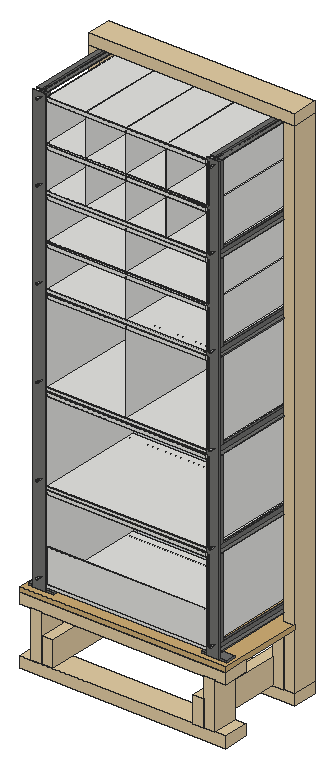
Revit family "Mailboxes_Aluminum-Rack_Ladder_System-Salsbury_Industries-5_Unit_High_Wall_Installation", category Specialty Equipment, host Wall, Revit 2016 (continued)
Definition of nested family "Rack Ladder Units"
  Definition of nested family "Rack Ladder Divider - Upward"
    Automatic sketch dimensions
      plane 15 to Extrusion 2 sketch curve = 0.109"
      curve 13 to plane 3 "Center (Left/Right)" = 0.000"
      curve 13 to plane 8 "top" = 0.10937"
      radius of Extrusion 2 sketch curve = 0.1089"
      radius of curve 13 = 0.10952"
Definition of nested family "2200_Series_Aluminum_Mailboxes_Rack_Ladder_Units"
  Parameters (values of type "2204")
    Width = 23.250"
    Void 2 Offset = 0.000"
    Void 1 Offset = if(Void 2 Offset = 0.040", 6.200", if(Void 2 Offset = 0.000", 0.000", 6.200"))  # 0.000"
    Visible = yes
    Version = "2.0 (06/30/18)"
    URL = "www.mailboxes.com"
    Type Comments = "Aluminum Mailbox"
    Trim Material = none
    Rear Overhang = yes
    Rear Door = no
    OmniClass 23 Title = "Mail Boxes"
    OmniClass 23 Number = "23.40.90.14.11"
    Model = "2204"
    MasterFormat Title = "Postal Specialties"
    MasterFormat Number = "10 55 00"
    Manufacturer = "Salsbury Industries"
    Lock Material = none
    Horizontal Dividers = yes
    Height = 12.188"
    Front Panel Material = none
    Door Slot #9 Number [instance] = "3"
    Door Slot #8 Number [instance] = "0"
    Door Slot #7 Number [instance] = "0"
    Door Slot #6 Number [instance] = "2"
    Door Slot #5 Number [instance] = "0"
    Door Slot #4 Number [instance] = "0"
    Door Slot #3 Number [instance] = "1"
    Door Slot #2 Number [instance] = "0"
    Door Slot #17 Number [instance] = "0"
    Door Slot #16 Number [instance] = "0"
    Door Slot #15 Number [instance] = "0"
    Door Slot #14 Number [instance] = "0"
    Door Slot #13 Number [instance] = "0"
    Door Slot #12 Number [instance] = "4"
    Door Slot #11 Number [instance] = "0"
    Door Slot #10 Number [instance] = "0"
    Door Slot #1 Number [instance] = "0"
    Door Numbers [instance] = yes
    Door Location D9 = Rack Ladder #3 Door : #3 Door
    Door Location D8 = Rack Ladder None : No Door
    Door Location D7 = Rack Ladder None : No Door
    Door Location D6 = Rack Ladder #3 Door : #3 Door
    Door Location D5 = Rack Ladder None : No Door
    Door Location D4 = Rack Ladder None : No Door
    Door Location D3 = Rack Ladder #3 Door : #3 Door
    Door Location D2 = Rack Ladder None : No Door
    Door Location D17 = Rack Ladder None : No Door
    Door Location D16 = Rack Ladder None : No Door
    Door Location D15 = Rack Ladder None : No Door
    Door Location D13 = Rack Ladder None : No Door
    Door Location D12 = Rack Ladder #3 Door : #3 Door
    Door Location D11 = Rack Ladder None : No Door
    Door Location D10 = Rack Ladder None : No Door
    Door Location D1 = Rack Ladder None : No Door
    Door Location D14 = Rack Ladder None : No Door
    Door Divider Offset = 0.000"
    Dividers 6, 7 = no
    Dividers 1, 2, 4, 5 = no
    Divider 3 Parcel = no
    Divider 3 = yes
    Description = "Rack Ladder System - 4 #3 Doors"
    Depth = 15.500"
    Box Offset = 0.156"
    Back Panel = no
    Back Enclosure Material = none
    Assembly Code = "C1030910"
  Types (10): name | Void 2 Offset | Void 1 Offset | Visible | Type Comments | Rear Overhang | Rear Door | Model | Horizontal Dividers | Door Slot #9 Number | Door Slot #8 Number | Door Slot #7 Number | Door Slot #6 Number | Door Slot #5 Number | Door Slot #4 Number | Door Slot #3 Number | Door Slot #2 Number | Door Slot #17 Number | Door Slot #16 Number | Door Slot #15 Number | Door Slot #14 Number | Door Slot #13 Number | Door Slot #12 Number | Door Slot #11 Number | Door Slot #10 Number | Door Slot #1 Number | Door Numbers | Door Location D9 | Door Location D8 | Door Location D7 | Door Location D6 | Door Location D5 | Door Location D4 | Door Location D3 | Door Location D2 | Door Location D17 | Door Location D16 | Door Location D15 | Door Location D13 | Door Location D12 | Door Location D11 | Door Location D10 | Door Location D1 | Door Location D14 | Door Divider Offset | Dividers 6, 7 | Dividers 1, 2, 4, 5 | Divider 3 Parcel | Divider 3 | Description | Back Panel
    2212 | 0.000" | 0.000" | yes | "Aluminum Mailbox" | yes | no | "2212" | yes | "9" | "8" | "7" | "6" | "5" | "4" | "3" | "2" | "0" | "0" | "0" | "0" | "0" | "1\r\n2" | "1\r\n1" | "1\r\n0" | "1" | yes | Rack Ladder #1 Door : #1 Door | Rack Ladder #1 Door : #1 Door | Rack Ladder #1 Door : #1 Door | Rack Ladder #1 Door : #1 Door | Rack Ladder #1 Door : #1 Door | Rack Ladder #1 Door : #1 Door | Rack Ladder #1 Door : #1 Door | Rack Ladder #1 Door : #1 Door | Rack Ladder None : No Door | Rack Ladder None : No Door | Rack Ladder None : No Door | Rack Ladder None : No Door | Rack Ladder #1 Door : #1 Door | Rack Ladder #1 Door : #1 Door | Rack Ladder #1 Door : #1 Door | Rack Ladder #1 Door : #1 Door | Rack Ladder None : No Door | 0.000" | no | yes | no | yes | "Rack Ladder System - 12 #1 Doors" | no
    2208 | 0.000" | 0.000" | yes | "Aluminum Mailbox" | yes | no | "2208" | yes | "6" | "0" | "0" | "4" | "0" | "0" | "2" | "0" | "0" | "7" | "5" | "3" | "1" | "8" | "0" | "0" | "0" | yes | Rack Ladder #2 Door : #2 Door | Rack Ladder None : No Door | Rack Ladder None : No Door | Rack Ladder #2 Door : #2 Door | Rack Ladder None : No Door | Rack Ladder None : No Door | Rack Ladder #2 Door : #2 Door | Rack Ladder None : No Door | Rack Ladder None : No Door | Rack Ladder #2 Door : #2 Door | Rack Ladder #2 Door : #2 Door | Rack Ladder #2 Door : #2 Door | Rack Ladder #2 Door : #2 Door | Rack Ladder None : No Door | Rack Ladder None : No Door | Rack Ladder None : No Door | Rack Ladder #2 Door : #2 Door | 0.000" | yes | no | no | yes | "Rack Ladder System - 8 #2 Doors" | no
    2204 | 0.000" | 0.000" | yes | "Aluminum Mailbox" | yes | no | "2204" | yes | "3" | "0" | "0" | "2" | "0" | "0" | "1" | "0" | "0" | "0" | "0" | "0" | "0" | "4" | "0" | "0" | "0" | yes | Rack Ladder #3 Door : #3 Door | Rack Ladder None : No Door | Rack Ladder None : No Door | Rack Ladder #3 Door : #3 Door | Rack Ladder None : No Door | Rack Ladder None : No Door | Rack Ladder #3 Door : #3 Door | Rack Ladder None : No Door | Rack Ladder None : No Door | Rack Ladder None : No Door | Rack Ladder None : No Door | Rack Ladder None : No Door | Rack Ladder #3 Door : #3 Door | Rack Ladder None : No Door | Rack Ladder None : No Door | Rack Ladder None : No Door | Rack Ladder None : No Door | 0.000" | no | no | no | yes | "Rack Ladder System - 4 #3 Doors" | no
    2202 | 0.040" | 6.200" | yes | "Aluminum Mailbox" | yes | no | "2202" | no | "1" | "0" | "0" | "0" | "0" | "0" | "0" | "0" | "0" | "0" | "0" | "0" | "0" | "2" | "0" | "0" | "0" | yes | Rack Ladder #4 Door : #4 Door | Rack Ladder None : No Door | Rack Ladder None : No Door | Rack Ladder None : No Door | Rack Ladder None : No Door | Rack Ladder None : No Door | Rack Ladder None : No Door | Rack Ladder None : No Door | Rack Ladder None : No Door | Rack Ladder None : No Door | Rack Ladder None : No Door | Rack Ladder None : No Door | Rack Ladder #4 Door : #4 Door | Rack Ladder None : No Door | Rack Ladder None : No Door | Rack Ladder None : No Door | Rack Ladder None : No Door | 0.000" | no | no | no | yes | "Rack Ladder System - 2 #4 Doors" | no
    2201 | 0.040" | 6.200" | yes | "Aluminum Mailbox" | yes | no | "2201" | no | "0" | "0" | "0" | "0" | "0" | "0" | "0" | "0" | "1" | "0" | "0" | "0" | "0" | "0" | "0" | "0" | "0" | yes | Rack Ladder None : No Door | Rack Ladder None : No Door | Rack Ladder None : No Door | Rack Ladder None : No Door | Rack Ladder None : No Door | Rack Ladder None : No Door | Rack Ladder None : No Door | Rack Ladder None : No Door | Rack Ladder #4 Door-Left Blank Door : #4 Door Left Blank Door | Rack Ladder None : No Door | Rack Ladder None : No Door | Rack Ladder None : No Door | Rack Ladder #4 Door-Right Keyed Door : #4 Right Keyed Door | Rack Ladder None : No Door | Rack Ladder None : No Door | Rack Ladder None : No Door | Rack Ladder None : No Door | 22.031" | no | no | no | no | "Rack Ladder System - 1 Door" | no
    2280 | 0.040" | 6.200" | yes | "Aluminum Drop Box" | yes | no | "2280" | no | "0" | "0" | "0" | "0" | "0" | "0" | "0" | "0" | "M\r\nA\r\nI\r\nL" | "0" | "0" | "0" | "0" | "0" | "0" | "0" | "0" | yes | Rack Ladder None : No Door | Rack Ladder None : No Door | Rack Ladder None : No Door | Rack Ladder None : No Door | Rack Ladder None : No Door | Rack Ladder None : No Door | Rack Ladder None : No Door | Rack Ladder None : No Door | Rack Ladder #4 Door-Left Mail Door-Full : #4 Door Left Mail Door-Full Slot | Rack Ladder None : No Door | Rack Ladder None : No Door | Rack Ladder None : No Door | Rack Ladder #4 Door-Right Mail Door-Full : #4 Door Right Mail Door - Full Slot | Rack Ladder None : No Door | Rack Ladder None : No Door | Rack Ladder None : No Door | Rack Ladder None : No Door | 22.031" | no | no | no | no | "Rack Ladder System - 1 Compartment" | yes
    2282 | 0.040" | 6.200" | yes | "Aluminum Drop Boxes" | yes | no | "2282" | no | "M\r\nA\r\nI\r\nL" | "0" | "0" | "0" | "0" | "0" | "0" | "0" | "0" | "0" | "0" | "0" | "0" | "M\r\nA\r\nI\r\nL" | "0" | "0" | "0" | yes | Rack Ladder #4 Door-Mail Door-Center : #4 Door Right Mail Door-Centered Slot | Rack Ladder None : No Door | Rack Ladder None : No Door | Rack Ladder None : No Door | Rack Ladder None : No Door | Rack Ladder None : No Door | Rack Ladder None : No Door | Rack Ladder None : No Door | Rack Ladder None : No Door | Rack Ladder None : No Door | Rack Ladder None : No Door | Rack Ladder None : No Door | Rack Ladder #4 Door-Mail Door-Center : #4 Door Right Mail Door-Centered Slot | Rack Ladder None : No Door | Rack Ladder None : No Door | Rack Ladder None : No Door | Rack Ladder None : No Door | 0.000" | no | no | no | yes | "Rack Ladder System - 2 Compartments" | yes
    None | 0.000" | 0.000" | no | "Aluminum Mailbox" | no | no | "2212" | no | "9" | "8" | "7" | "6" | "5" | "4" | "3" | "2" | "0" | "0" | "0" | "0" | "0" | "1\r\n2" | "1\r\n1" | "1\r\n0" | "1" | no | Rack Ladder #1 Door : #1 Door | Rack Ladder #1 Door : #1 Door | Rack Ladder #1 Door : #1 Door | Rack Ladder #1 Door : #1 Door | Rack Ladder #1 Door : #1 Door | Rack Ladder #1 Door : #1 Door | Rack Ladder #1 Door : #1 Door | Rack Ladder #1 Door : #1 Door | Rack Ladder None : No Door | Rack Ladder None : No Door | Rack Ladder None : No Door | Rack Ladder None : No Door | Rack Ladder #1 Door : #1 Door | Rack Ladder #1 Door : #1 Door | Rack Ladder #1 Door : #1 Door | Rack Ladder #1 Door : #1 Door | Rack Ladder None : No Door | 0.000" | no | no | no | no | "Rack Ladder System - 12 #1 Doors" | no
    2270P | 0.040" | 6.200" | yes | "Aluminum Parcel Locker" | no | yes | "2270P" | no | "1" | "0" | "0" | "0" | "0" | "0" | "0" | "0" | "0" | "0" | "0" | "0" | "0" | "2" | "0" | "0" | "0" | yes | Rack Ladder None : No Door | Rack Ladder None : No Door | Rack Ladder None : No Door | Rack Ladder None : No Door | Rack Ladder None : No Door | Rack Ladder None : No Door | Rack Ladder None : No Door | Rack Ladder None : No Door | Rack Ladder None : No Door | Rack Ladder None : No Door | Rack Ladder None : No Door | Rack Ladder None : No Door | Rack Ladder #4 Door-Right Parcel Doors : Full Parcel Door | Rack Ladder None : No Door | Rack Ladder None : No Door | Rack Ladder None : No Door | Rack Ladder None : No Door | 0.000" | no | no | no | no | "Rack Ladder System - 1 Door" | no
    2272P | 0.040" | 6.200" | yes | "Aluminum Parcel Lockers" | no | yes | "2272P" | no | "1" | "0" | "0" | "0" | "0" | "0" | "0" | "0" | "0" | "0" | "0" | "0" | "0" | "2" | "0" | "0" | "0" | yes | Rack Ladder #4 Door-Right Parcel Doors : #4 Door-Right Parcel Door 1P | Rack Ladder None : No Door | Rack Ladder None : No Door | Rack Ladder None : No Door | Rack Ladder None : No Door | Rack Ladder None : No Door | Rack Ladder None : No Door | Rack Ladder None : No Door | Rack Ladder None : No Door | Rack Ladder None : No Door | Rack Ladder None : No Door | Rack Ladder None : No Door | Rack Ladder #4 Door-Right Parcel Doors : #4 Door-Right Parcel Door 2P | Rack Ladder None : No Door | Rack Ladder None : No Door | Rack Ladder None : No Door | Rack Ladder None : No Door | 0.000" | no | no | yes | no | "Rack Ladder System - 2 Doors" | no
  Reference planes (in)
    plane 1 "Center (Front/Back)": y = 0
    plane 2 "Bottom": z = 0
    plane 3 "Center (Left/Right)": x = 0
    plane 4 "Left": x = -11.625
    plane 5 "Right": x = 11.625
    plane 6 "Front": y = -7.75
    plane 7 "Back": y = 7.75
    plane 8 "Vertical Center": z = 6.094
    plane 9 "Top": z = 12.188
    plane 10: y = -7.625
    plane 11 "Door Align-Back of Door": y = -7.09375
    plane 12 "Back Edge of Top Trim": y = -6.21875
    plane 13 "Front Edge of Side Panels": y = -6.8125
    plane 14 "Back Edge of Side Panels": y = 7.625
    plane 15: y = -7.563
    plane 16: y = -7.063
    plane 17 "Back Edge of Bottom Trim": y = -6.1255
    plane 18: z = 0.125
    plane 19: z = 0.0625
    plane 20 "Bottom Trim Height": z = 0.25
    plane 21 "Top Trim Height": z = 11.8755
    plane 22: z = 12.03175
    plane 23: z = 12.063
    plane 24 "Right Side Trim Alignment-Top and Bottom Trim": x = 11.25
    plane 25 "Inner Right Side of Trim": x = 11.09375
    plane 26 "Right Wall of Enclsosure": x = 10.93775
    plane 27: y = -7.5
    plane 28: y = -7.375
    plane 29 "Back Edge of Side Trim": y = -6.3125
    plane 30 "Left Side Trim Alignment-Top and Bottom Trim": x = -11.25
    plane 31 "Trop Trim Extrusion Line": y = -7.53125
    plane 32 "Left Wall of Enclosure": x = -11.0935
    plane 33: z = 11.7505
    plane 34: z = -0.249
    plane 35: z = 0
    plane 36: x = -11.59375
    plane 37: x = 11.625
    plane 38 "Door Divider 2": x = -3.6975
    plane 39 "Door Divider 3": x = 0.0005
    plane 40 "Door Divider 4": x = 3.6985
    plane 41 "Door Divider 7": x = 5.54825
    plane 42 "Door Divider 5": x = 7.3965
    plane 43 "Void 1": z = 6.063
    plane 44 "Void 2 Offset": y = 7.625
    plane 45 "Bottom Compartment Section-Top Plate": z = 5.907
    plane 46 "Door Divider 6": x = -5.54675
    plane 47 "Door Divider 1": x = -7.3955
    plane 48 "Door Divider Offset Align": x = 11.09375
    plane 49 "Door Divider": x = 11.09375
    plane 50 "Void 1 Offset": z = 6.063
    plane 51 "Void 2": y = 7.625
    plane 52: z = 6.188
    plane 53 "Vertical Center of Back Enclosure": z = 6.063
    plane 54 "Door Align - Row 2": z = 0.28125
    plane 55 "Door Align - Row 1": z = 6.219
    plane 56 "Vertical Door Align 5": x = 7.23725
    plane 57 "Vertical Door Align 8": x = 5.389
    plane 58 "Vertical Door Align 4": x = 3.53925
    plane 59 "Vertical Door Align 3": x = -0.15875
    plane 60 "Vertical Door Align 2": x = -3.85675
    plane 61 "Vertical Door Align 7": x = -5.70575
    plane 62 "Vertical Door Align 1": x = -7.5545
    plane 63 "Vertical Door Align 6": x = 10.9375
    plane 64 "OffSet Divider Line": x = -11.0935
    plane 65 "Hinge 1": x = 5.93775
    plane 66 "Hinge 2": x = -6.0935
    plane 67: z = 11.84425
    plane 68: x = -11.06225
    plane 69: x = 10.9065
    plane 70: z = 5.938
    plane 71: z = 11.84425
    plane 72: z = 11.81325
    plane 73: z = 11.41742
    plane 74: z = 11.38642
    plane 75: y = 7.719
    plane 76: y = 7.656
    plane 77: y = 7.594
    plane 78: y = 7.719
    plane 79: y = 7.656
    plane 80: z = 5.876
    plane 81: z = 5.47992
    plane 82: z = 5.44892
    plane 83: z = 10.688
    plane 84: z = 0.46875
    plane 85: z = 0.15625
    plane 86: x = 7.0315
    plane 87: x = 4.844
    plane 88: x = -4.99975
    plane 89: x = -7.18725
    plane 90: y = 7.656
    plane 91: z = 4.875
    plane 92: y = 7.594
    plane 93: x = -11.3745
    plane 94: y = 7.5625
    plane 95: y = 6.6875
    plane 96: y = 6.625
    plane 97: z = 0.1875
    plane 98: z = 0.0625
    plane 99: z = 11.84425
    plane 100: x = 7.4275
    plane 101: x = 5.57925
    plane 102: x = 3.7295
    plane 103: x = 0.0315
    plane 104: x = -3.6665
    plane 105: x = -5.51575
    plane 106: x = -7.3645
    plane 107: z = 6.12525
    plane 108: y = -7.3755
    plane 109: y = -7.5
    plane 110: x = 10.93775
    plane 111: y = 7.5625
  Forms (in)
    Extrusion 1, solid, material <- "Trim Material", visible <- "Visible"
      sketch origin (0, 0, 0) x (0, 1, 0) y (0, 0, 1)
        loop
          line (-7.75, 11.8755) -> (-6.21875, 11.8755) -> (-6.21875, 12.03175) -> (-7.09375, 12.03175) -> (-7.09375, 12.063) -> (-7.625, 12.063) -> (-7.625, 12.188) -> (-7.75, 12.188) -> (-7.75, 11.8755)
      from -11.25 to 11.25
    Extrusion 2, solid, material <- "Trim Material", visible <- "Visible"
      sketch origin (0, 0, 0) x (0, 1, 0) y (0, 0, 1)
        loop
          line (-6.1255, 0.25) -> (-7.75, 0.25) -> (-7.75, 0.125) -> (-7.563, 0.125) -> (-7.563, 0) -> (-7.063, 0) -> (-7.063, 0.0625) -> (-6.1255, 0.0625) -> (-6.1255, 0.25)
      from -11.625 to 11.625
    Extrusion 3, solid, material <- "Trim Material", visible <- "Visible"
      sketch origin (0, 0, 6.094) x (0, -1, 0) y (1, 0, 0)
        loop
          line (7.5, 11.625) -> (7.375, 11.625) -> (7.375, 11.25) -> (6.3125, 11.25) -> (6.3125, 11.09375) -> (7.75, 11.09375) -> (7.75, 11.25) -> (7.5, 11.25) -> (7.5, 11.625)
      from -5.844 to 5.7815
    Extrusion 4, void
      sketch origin (0, 0, 0) x (1, 0, 0) y (0, 1, 0)
        loop
          line (11.625, -7.75) -> (11.625, -7.5) -> (11.25, -7.5) -> (11.25, -7.75) -> (11.625, -7.75)
      from 0 to 0.25
    Extrusion 5, solid, material <- "Trim Material", visible <- "Visible"
      sketch origin (0, 0, 6.094) x (0, -1, 0) y (1, 0, 0)
        loop
          line (7.5, -11.625) -> (7.5, -11.25) -> (7.75, -11.25) -> (7.75, -11.0935) -> (6.3125, -11.0935) -> (6.3125, -11.25) -> (7.3755, -11.25) -> (7.3755, -11.625) -> (7.5, -11.625)
      from -5.844 to 5.7815
    Extrusion 6, void
      sketch origin (0, 0, 0) x (-1, 0, 0) y (0, -1, 0)
        loop
          line (11.625, 7.75) -> (11.25, 7.75) -> (11.25, 7.5) -> (11.625, 7.5) -> (11.625, 7.75)
      from 0 to 0.25
    Extrusion 7, void
      sketch origin (0, 0, 0) x (0, 1, 0) y (0, 0, 1)
        loop
          line (-7.75, 11.8755) -> (-7.53125, 11.8755) -> (-7.53125, 12.03175) -> (-7.75, 12.03175) -> (-7.75, 11.8755)
      from -11.0935 to 11.09375
    Sweep 8, solid, material <- "Back Enclosure Material", visible <- "Visible"
      path origin (0, 0, 0) x (1, 0, 0) y (0, 0, 1)
        loop
          line (-11.0935, 11.8755) -> (-11.0935, 0.25) -> (10.93775, 0.25) -> (10.93775, 11.8755) -> (-11.0935, 11.8755)
      profile origin (-0.07788, 0, 11.8755) x (0, 0, 1) y (0, -1, 0)
        loop
          line (0, 7.09375) -> (-0.03125, 7.09375) -> (-0.03125, -7.625) -> (0, -7.625) -> (0, 7.09375)
    Extrusion 9, solid, material <- "Back Enclosure Material", visible <- "Rear Overhang"
      sketch origin (0, 0, 0) x (0, 1, 0) y (0, 0, 1)
        loop
          line (7.625, 11.8755) -> (7.625, 11.84425) -> (7.719, 11.84425) -> (7.719, 11.41742) -> (7.656, 11.41742) -> (7.656, 11.81325) -> (7.625, 11.81325) -> (7.625, 11.38642) -> (7.75, 11.38642) -> (7.75, 11.8755) -> (7.625, 11.8755)
      from -11.0935 to 10.93775
    Extrusion 10, solid, material <- "Back Enclosure Material", visible <- "Visible"
      sketch origin (0, 0, 0) x (0, 1, 0) y (0, 0, 1)
        loop
          line (7.625, 0.25) -> (6.625, 0.25) -> (6.625, 0.0625) -> (6.6875, 0.0625) -> (6.6875, 0.1875) -> (7.5625, 0.1875) -> (7.5625, -0.249) -> (7.625, -0.249) -> (7.625, 0.25)
      from -11.59375 to 11.625
    Extrusion 11, void
      sketch origin (0, 0, 6.063) x (0, -1, 0) y (1, 0, 0)
        loop
          line (-7.625, -11.0935) -> (7.563, -11.0935) -> (7.563, 11.09375) -> (-7.625, 11.09375) -> (-7.625, -11.0935)
      from -0.125 to 0.125
    Extrusion 12, void
      sketch origin (0, 7.625, 0) x (0, 0, -1) y (1, 0, 0)
        loop
          line (-6.219, 11.25) -> (-6.219, 10.93775) -> (-5.907, 10.93775) -> (-5.907, 11.25) -> (-6.219, 11.25)
        loop
          line (-6.219, -11.0935) -> (-6.219, -11.375) -> (-5.907, -11.375) -> (-5.907, -11.0935) -> (-6.219, -11.0935)
      from 0 to 0.031
    Extrusion 13, solid, material <- "Back Enclosure Material", visible <- "Horizontal Dividers"
      sketch origin (0, 0, -5.8595) x (0, 1, 0) y (0, 0, 1)
        loop
          line (7.625, 11.7975) -> (7.625, 11.9535) -> (7.594, 11.9535) -> (7.594, 11.7665) -> (7.719, 11.7665) -> (7.719, 11.33942) -> (7.656, 11.33942) -> (7.656, 11.7355) -> (7.625, 11.7355) -> (7.625, 11.30842) -> (7.75, 11.30842) -> (7.75, 11.7975) -> (7.625, 11.7975)
      from -11.0935 to 10.93775
    Extrusion 14, solid, material <- "Front Panel Material", visible <- "Visible"
      sketch origin (11.09375, 0, 0) x (0, -1, 0) y (0, 0, 1)
        loop
          line (6.3125, 11.8755) -> (6.3125, 0.25) -> (7.53125, 0.25) -> (7.53125, 11.8755) -> (6.3125, 11.8755)
      from 0 to 0.156
    Extrusion 15, solid, material <- "Front Panel Material", visible <- "Dividers 6, 7"
      sketch origin (5.54825, 0, 0) x (0, 0, -1) y (0, -1, 0)
        loop
          line (-11.8755, 6.3125) -> (-0.25, 6.3125) -> (-0.25, 7.53125) -> (-11.8755, 7.53125) -> (-11.8755, 6.3125)
      from 0 to 0.15925
    Extrusion 16, solid, material <- "Front Panel Material", visible <- "Dividers 1, 2, 4, 5"
      sketch origin (7.3965, 0, 0) x (0, 0, -1) y (0, -1, 0)
        loop
          line (-11.8755, 6.3125) -> (-0.25, 6.3125) -> (-0.25, 7.53125) -> (-11.8755, 7.53125) -> (-11.8755, 6.3125)
      from 0 to 0.15925
    Extrusion 17, solid, material <- "Front Panel Material", visible <- "Dividers 6, 7"
      sketch origin (-5.54675, 0, 0) x (0, 0, -1) y (0, 1, 0)
        loop
          line (-11.8755, -6.3125) -> (-11.8755, -7.53125) -> (-0.25, -7.53125) -> (-0.25, -6.3125) -> (-11.8755, -6.3125)
      from 0 to -0.159
    Extrusion 18, solid, material <- "Front Panel Material", visible <- "Dividers 1, 2, 4, 5"
      sketch origin (3.6985, 0, 0) x (0, 0, -1) y (0, -1, 0)
        loop
          line (-11.8755, 6.3125) -> (-0.25, 6.3125) -> (-0.25, 7.53125) -> (-11.8755, 7.53125) -> (-11.8755, 6.3125)
      from 0 to 0.15925
    Extrusion 19, solid, material <- "Front Panel Material", visible <- "Divider 3"
      sketch origin (0.0005, 0, 0) x (0, 0, -1) y (0, -1, 0)
        loop
          line (-11.8755, 6.3125) -> (-0.25, 6.3125) -> (-0.25, 7.53125) -> (-11.8755, 7.53125) -> (-11.8755, 6.3125)
      from 0 to 0.15925
    Extrusion 20, solid, material <- "Front Panel Material", visible <- "Dividers 1, 2, 4, 5"
      sketch origin (-3.6975, 0, 0) x (0, 0, -1) y (0, -1, 0)
        loop
          line (-11.8755, 6.3125) -> (-0.25, 6.3125) -> (-0.25, 7.53125) -> (-11.8755, 7.53125) -> (-11.8755, 6.3125)
      from 0 to 0.15925
    Extrusion 21, solid, material <- "Front Panel Material", visible <- "Dividers 1, 2, 4, 5"
      sketch origin (-7.3955, 0, 0) x (0, 0, -1) y (0, 1, 0)
        loop
          line (-11.8755, -6.3125) -> (-11.8755, -7.53125) -> (-0.25, -7.53125) -> (-0.25, -6.3125) -> (-11.8755, -6.3125)
      from 0 to -0.159
    Extrusion 22, solid, material <- "Back Enclosure Material", visible <- "Horizontal Dividers"
      sketch origin (0, 0, 5.907) x (1, 0, 0) y (0, 1, 0)
        loop
          line (-11.06225, 7.594) -> (-11.06225, -7.09375) -> (10.9065, -7.09375) -> (10.9065, 7.594) -> (-11.06225, 7.594)
      from 0 to 0.031
    Extrusion 23, solid, material <- "Back Enclosure Material", visible <- "Horizontal Dividers"
      sketch origin (0, 0, 6.219) x (1, 0, 0) y (0, 1, 0)
        loop
          line (-11.06225, 7.625) -> (-11.06225, -7.09375) -> (10.9065, -7.09375) -> (10.9065, 7.625) -> (-11.06225, 7.625)
      from 0 to -0.031
    Extrusion 24, solid, material <- "Trim Material", visible <- "Horizontal Dividers"
      sketch origin (0, 0, 0) x (0, 1, 0) y (0, 0, 1)
        loop
          line (-6.3125, 5.938) -> (-6.3125, 6.188) -> (-7.75, 6.188) -> (-7.75, 6.12525) -> (-7.53125, 6.12525) -> (-7.53125, 5.938) -> (-6.3125, 5.938)
      from -11.0935 to 11.09375
    Extrusion 25, solid, material <- "Back Enclosure Material", visible <- "Dividers 1, 2, 4, 5"
      sketch origin (7.3965, 0, 0) x (0, 0, -1) y (0, -1, 0)
        loop
          line (-11.84425, 7.09375) -> (-11.84425, -7.625) -> (-0.28125, -7.625) -> (-0.28125, 7.09375) -> (-11.84425, 7.09375)
      from 0 to -0.031
    Extrusion 26, solid, material <- "Back Enclosure Material", visible <- "Dividers 1, 2, 4, 5"
      sketch origin (3.6985, 0, 0) x (0, 0, -1) y (0, -1, 0)
        loop
          line (-11.84425, 7.09375) -> (-11.84425, -7.625) -> (-0.28125, -7.625) -> (-0.28125, 7.09375) -> (-11.84425, 7.09375)
      from 0 to -0.031
    Extrusion 27, solid, material <- "Back Enclosure Material", visible <- "Divider 3"
      sketch origin (0.0005, 0, 0) x (0, 0, -1) y (0, -1, 0)
        loop
          line (-11.84425, 7.09375) -> (-11.84425, -7.625) -> (-0.28125, -7.625) -> (-0.28125, 7.09375) -> (-11.84425, 7.09375)
      from 0 to -0.031
    Extrusion 28, solid, material <- "Back Enclosure Material", visible <- "Dividers 1, 2, 4, 5"
      sketch origin (-3.6975, 0, 0) x (0, 0, -1) y (0, -1, 0)
        loop
          line (-11.84425, 7.09375) -> (-11.84425, -7.625) -> (-0.28125, -7.625) -> (-0.28125, 7.09375) -> (-11.84425, 7.09375)
      from 0 to -0.031
    Extrusion 29, solid, material <- "Back Enclosure Material", visible <- "Dividers 1, 2, 4, 5"
      sketch origin (-7.3955, 0, 0) x (0, 0, -1) y (0, 1, 0)
        loop
          line (-11.84425, -7.09375) -> (-0.28125, -7.09375) -> (-0.28125, 7.625) -> (-11.84425, 7.625) -> (-11.84425, -7.09375)
      from 0 to 0.031
    Extrusion 30, solid, material <- "Back Enclosure Material", visible <- "Dividers 6, 7"
      sketch origin (5.54825, 0, 0) x (0, 0, -1) y (0, -1, 0)
        loop
          line (-11.84425, 7.09375) -> (-11.84425, -7.625) -> (-0.28125, -7.625) -> (-0.28125, 7.09375) -> (-11.84425, 7.09375)
      from 0 to -0.031
    Extrusion 31, solid, material <- "Back Enclosure Material", visible <- "Dividers 6, 7"
      sketch origin (-5.54675, 0, 0) x (0, 0, -1) y (0, 1, 0)
        loop
          line (-11.84425, -7.09375) -> (-0.28125, -7.09375) -> (-0.28125, 7.625) -> (-11.84425, 7.625) -> (-11.84425, -7.09375)
      from 0 to 0.031
    Extrusion 32, solid, visible <- "Visible"
      sketch origin (10.93775, 0, 0) x (0, -1, 0) y (0, 0, 1)
        loop
          line (-7.594, 11.8755) -> (-7.625, 11.8755) -> (-7.625, 0.25) -> (-7.594, 0.25) -> (-7.594, 11.8755)
      from -0.31225 to 0
    Extrusion 33, solid, visible <- "Visible"
      sketch origin (-11.0935, 0, 0) x (0, 0, -1) y (0, -1, 0)
        loop
          line (-11.8755, -7.594) -> (-11.8755, -7.625) -> (-0.28125, -7.625) -> (-0.28125, -7.594) -> (-11.8755, -7.594)
      from 0.281 to 0
    Extrusion 34, solid, material <- "Back Enclosure Material", visible <- "Back Panel"
      sketch origin (0, 7.625, 0) x (0, 0, -1) y (1, 0, 0)
        loop
          line (-0.25, 10.93775) -> (-4.875, 10.93775) -> (-4.875, -11.0935) -> (-0.25, -11.0935) -> (-0.25, 10.93775)
      from 0 to -0.031
    Extrusion 35, solid, material <- "Back Enclosure Material", visible <- "Rear Door"
      sketch origin (0, 7.625, 0) x (0, 0, -1) y (1, 0, 0)
        loop
          line (-11.8755, 10.93775) -> (-11.8755, -11.0935) -> (-10.688, -11.0935) -> (-10.688, 10.93775) -> (-11.8755, 10.93775)
      from 0 to -0.031
    Extrusion 36, solid, material <- "Back Enclosure Material", visible <- "Rear Door"
      sketch origin (0, 7.625, 0) x (0, 0, -1) y (1, 0, 0)
        loop
          line (-10.688, 10.93775) -> (-10.688, -11.0935) -> (0.249, -11.0935) -> (0.249, 10.93775) -> (-10.688, 10.93775)
        loop
          line (-0.15625, 7.0315) -> (-0.46875, 7.0315) -> (-0.46875, 4.844) -> (-0.15625, 4.844) -> (-0.15625, 7.0315)
        loop
          line (-0.15625, -4.99975) -> (-0.46875, -4.99975) -> (-0.46875, -7.18725) -> (-0.15625, -7.18725) -> (-0.15625, -4.99975)
      from 0 to -0.031
    Extrusion 37, solid, material <- "Trim Material", visible <- "Divider 3 Parcel"
      sketch origin (-0.15875, 0, 0) x (0, 0, -1) y (0, -1, 0)
        loop
          line (-11.8755, 6.3125) -> (-0.25, 6.3125) -> (-0.25, 7.53125) -> (-11.8755, 7.53125) -> (-11.8755, 6.3125)
      from 0 to -0.15925
    Extrusion 38, solid, material <- "Front Panel Material", visible <- "Visible"
      sketch origin (11.09375, 0, 0) x (0, -1, 0) y (0, 0, 1)
        loop
          line (6.3125, 11.8755) -> (6.3125, 0.25) -> (7.53125, 0.25) -> (7.53125, 11.8755) -> (6.3125, 11.8755)
      from 0 to 0.156
  Cuts and joins
    Extrusion 4, Extrusion 7 cuts Extrusion 1
    Extrusion 4, Extrusion 6 cuts Extrusion 2
    Extrusion 4, Extrusion 7 cuts Extrusion 3
    Extrusion 11, Extrusion 12 cuts Sweep 8
    Extrusion 11 cuts Extrusion 14
    Extrusion 11 cuts Extrusion 16
    Extrusion 11 cuts Extrusion 15
    Extrusion 11 cuts Extrusion 18
    Extrusion 11 cuts Extrusion 19
    Extrusion 11 cuts Extrusion 20
    Extrusion 11 cuts Extrusion 17
    Extrusion 11 cuts Extrusion 21
    Extrusion 11 cuts Extrusion 25
    Extrusion 11 cuts Extrusion 30
    Extrusion 11 cuts Extrusion 26
    Extrusion 11 cuts Extrusion 27
    Extrusion 11 cuts Extrusion 28
    Extrusion 11 cuts Extrusion 31
    Extrusion 11 cuts Extrusion 29
    Extrusion 12 cuts Extrusion 32
    Extrusion 12 cuts Extrusion 33
  Lines and regions (in)
    symbolic lines
      curve 1: line (-11.625, 7.75, 11.8755) -> (-11.0935, 7.75, 11.8755)
      curve 2: line (-11.625, 7.75, 0.25) -> (-11.625, 7.75, 11.8755)
      curve 3: line (-11.0935, 7.75, 0.25) -> (-11.625, 7.75, 0.25)
      curve 4: line (-11.0935, 7.75, 11.8755) -> (-11.0935, 7.75, 0.25)
      curve 5: line (11.09375, 7.75, 11.8755) -> (11.625, 7.75, 11.8755)
      curve 6: line (11.09375, 7.75, 0.25) -> (11.09375, 7.75, 11.8755)
      curve 7: line (11.625, 7.75, 0.25) -> (11.09375, 7.75, 0.25)
      curve 8: line (11.625, 7.75, 11.8755) -> (11.625, 7.75, 0.25)
      curve 9: line (-11.25, 7.75, 12.188) -> (11.25, 7.75, 12.188)
      curve 10: line (-11.25, 7.75, 11.8755) -> (-11.25, 7.75, 12.188)
      curve 11: line (11.25, 7.75, 11.8755) -> (-11.25, 7.75, 11.8755)
      curve 12: line (11.25, 7.75, 12.188) -> (11.25, 7.75, 11.8755)
      curve 13: line (-11.625, 7.75, 0.25) -> (11.625, 7.75, 0.25)
      curve 14: line (-11.625, 7.75, 0) -> (-11.625, 7.75, 0.25)
      curve 15: line (11.625, 7.75, 0) -> (-11.625, 7.75, 0)
      curve 16: line (11.625, 7.75, 0.25) -> (11.625, 7.75, 0)
      curve 17: line (0.0005, -6.3125, 11.8755) -> (0.0005, 7.75, 11.8755)
      curve 18: line (0.0005, -6.3125, 0) -> (0.0005, -6.3125, 11.8755)
      curve 19: line (0.0005, 7.75, 0) -> (0.0005, -6.3125, 0)
      curve 20: line (0.0005, 7.75, 11.8755) -> (0.0005, 7.75, 0)
      curve 21: line (0.0005, -7.75, 12.188) -> (0.0005, -7.625, 12.188)
      curve 22: line (0.0005, -7.75, 0.125) -> (0.0005, -7.75, 12.188)
      curve 23: line (0.0005, -7.063, 0) -> (0.0005, -7.563, 0)
      curve 24: line (-11.625, 7.75, 0.28125) -> (11.625, 7.75, 0.28125)
      curve 25: line (-11.625, -6.1255, 0.28125) -> (-11.625, 7.75, 0.28125)
      curve 26: line (11.625, -6.1255, 0.28125) -> (-11.625, -6.1255, 0.28125)
      curve 27: line (11.625, 7.75, 0.28125) -> (11.625, -6.1255, 0.28125)
      curve 28: line (-11.625, -7.5, 0.28125) -> (-11.625, -6.1255, 0.28125)
      curve 29: line (11.25, -7.75, 0.28125) -> (-11.25, -7.75, 0.28125)
      curve 30: line (11.625, -6.1255, 0.28125) -> (11.625, -7.5, 0.28125)
      curve 31: line (11.625, -7.5, 0.28125) -> (11.25, -7.5, 0.28125)
      curve 32: line (11.25, -7.5, 0.28125) -> (11.25, -7.75, 0.28125)
      curve 33: line (-11.625, -7.5, 0.28125) -> (-11.25, -7.5, 0.28125)
      curve 34: line (-11.25, -7.5, 0.28125) -> (-11.25, -7.75, 0.28125)
      curve 35: line (0.0005, -7.563, 0) -> (0.0005, -7.563, 0.125)
      curve 36: line (0.0005, -7.563, 0.125) -> (0.0005, -7.75, 0.125)
      curve 37: line (0.0005, -7.063, 0) -> (0.0005, -7.063, 0.0625)
      curve 38: line (0.0005, -7.063, 0.0625) -> (0.0005, -6.1255, 0.0625)
      curve 39: line (0.0005, -7.625, 12.188) -> (0.0005, -7.625, 12.063)
      curve 40: line (0.0005, -7.625, 12.063) -> (0.0005, -7.09375, 12.063)
      curve 41: line (0.0005, -7.09375, 12.063) -> (0.0005, -7.09375, 12.03175)
      curve 42: line (0.0005, -7.09375, 12.03175) -> (0.0005, -6.21875, 12.03175)
      curve 43: line (0.0005, -6.21875, 12.03175) -> (0.0005, -6.21875, 11.8755)
      curve 44: line (0.0005, 7.5625, -0.249) -> (0.0005, 7.5625, 0)
      curve 45: line (0.0005, 7.625, -0.249) -> (0.0005, 7.5625, -0.249)
      curve 46: line (0.0005, 7.625, 0) -> (0.0005, 7.625, -0.249)
  Dimensions and locks (in)
    plane 6 "Front" to plane 1 "Center (Front/Back)" to plane 7 "Back" = 7.750", 7.750"
    "Depth": plane 6 "Front" to plane 7 "Back"
    equal spacing: plane 4 "Left", plane 3 "Center (Left/Right)", plane 5 "Right"
    "Width": plane 4 "Left" to plane 5 "Right"
    equal spacing: plane 9 "Top", plane 8 "Vertical Center", plane 2 "Bottom"
    "Height": plane 9 "Top" to plane 2 "Bottom"
    plane 6 "Front" to plane 10 to plane 11 "Door Align-Back of Door" to plane 12 "Back Edge of Top Trim" = 0.125", 0.53125", 0.875"
    plane 14 "Back Edge of Side Panels" to plane 7 "Back" = 0.125"
    plane 6 "Front" to plane 13 "Front Edge of Side Panels" = 0.9375"
    plane 6 "Front" to plane 15 to plane 16 to plane 17 "Back Edge of Bottom Trim" = 0.187", 0.500", 0.9375"
    plane 18 to plane 2 "Bottom" = 0.125"
    plane 19 to plane 2 "Bottom" = 0.0625"
    plane 20 "Bottom Trim Height" to plane 2 "Bottom" = 0.250"
    plane 9 "Top" to plane 21 "Top Trim Height" = 0.3125"
    plane 22 to plane 9 "Top" = 0.15625"
    plane 23 to plane 9 "Top" = 0.125"
    plane 25 "Inner Right Side of Trim" to plane 24 "Right Side Trim Alignment-Top and Bottom Trim" to plane 5 "Right" = 0.15625", 0.375"
    plane 6 "Front" to plane 27 to plane 28 = 0.250", 0.125"
    plane 6 "Front" to plane 29 "Back Edge of Side Trim" = 1.4375"
    plane 4 "Left" to plane 30 "Left Side Trim Alignment-Top and Bottom Trim" = 0.375"
    Extrusion 3 to plane 5 "Right" = 0.375"
    plane 6 "Front" to plane 31 "Trop Trim Extrusion Line" = 0.21875"
    plane 33 to plane 21 "Top Trim Height" = 0.125"
    plane 34 to plane 35 to plane 20 "Bottom Trim Height" = 0.249", 0.250"
    plane 8 "Vertical Center" to plane 43 "Void 1" = 0.031"
    "Void 2 Offset": plane 14 "Back Edge of Side Panels" to plane 44 "Void 2 Offset"
    plane 32 "Left Wall of Enclosure" to plane 47 "Door Divider 1" = 3.698"
    plane 32 "Left Wall of Enclosure" to plane 46 "Door Divider 6" = 5.54675"
    plane 32 "Left Wall of Enclosure" to plane 38 "Door Divider 2" = 7.396"
    plane 32 "Left Wall of Enclosure" to plane 39 "Door Divider 3" = 11.094"
    plane 32 "Left Wall of Enclosure" to plane 40 "Door Divider 4" = 14.792"
    plane 32 "Left Wall of Enclosure" to plane 41 "Door Divider 7" = 16.64175"
    plane 32 "Left Wall of Enclosure" to plane 42 "Door Divider 5" = 18.490"
    locked: plane 32 "Left Wall of Enclosure" to plane 26 "Right Wall of Enclsosure" at 22.03125
    "Box Offset": plane 26 "Right Wall of Enclsosure" to plane 25 "Inner Right Side of Trim"
    "Door Divider Offset": plane 49 "Door Divider" to plane 48 "Door Divider Offset Align"
    "Void 1 Offset": plane 50 "Void 1 Offset" to plane 43 "Void 1"
    plane 52 to plane 8 "Vertical Center" = 0.094"
    plane 45 "Bottom Compartment Section-Top Plate" to plane 8 "Vertical Center" to plane 52 = 0.187", 0.094"
    plane 56 "Vertical Door Align 5" to plane 42 "Door Divider 5" = 0.15925"
    plane 57 "Vertical Door Align 8" to plane 41 "Door Divider 7" = 0.15925"
    plane 58 "Vertical Door Align 4" to plane 40 "Door Divider 4" = 0.15925"
    plane 59 "Vertical Door Align 3" to plane 39 "Door Divider 3" = 0.15925"
    plane 60 "Vertical Door Align 2" to plane 38 "Door Divider 2" = 0.15925"
    plane 61 "Vertical Door Align 7" to plane 46 "Door Divider 6" = 0.159"
    plane 62 "Vertical Door Align 1" to plane 47 "Door Divider 1" = 0.159"
    plane 65 "Hinge 1" to plane 26 "Right Wall of Enclsosure" = 5.000"
    plane 32 "Left Wall of Enclosure" to plane 66 "Hinge 2" = 5.000"
    plane 67 to plane 21 "Top Trim Height" = 0.03125"
    plane 74 to plane 73 to plane 72 to plane 71 to plane 21 "Top Trim Height" = 0.031", 0.39583", 0.031", 0.03125"
    plane 14 "Back Edge of Side Panels" to plane 76 to plane 75 to plane 7 "Back" = 0.031", 0.063", 0.031"
    plane 4 "Left" to plane 89 to plane 88 = 4.43775", 2.1875"
    plane 87 to plane 86 to plane 5 "Right" = 2.1875", 4.5935"
    plane 34 to plane 85 to plane 84 = 0.40525", 0.3125"
    plane 92 to plane 14 "Back Edge of Side Panels" to plane 90 = 0.031", 0.031"
    plane 96 to plane 95 to plane 94 to plane 14 "Back Edge of Side Panels" = 0.0625", 0.875", 0.0625"
    plane 34 to plane 98 to plane 97 to plane 20 "Bottom Trim Height" = 0.3115", 0.125", 0.0625"
    plane 99 to plane 21 "Top Trim Height" = 0.03125"
    plane 52 to plane 107 = 0.06275"
    plane 108 to plane 109 to plane 31 "Trop Trim Extrusion Line" = 0.1245", 0.03125"
    locked: plane 110 to plane 49 "Door Divider" at 0.156
    aligned and locked: plane 2 "Bottom" to level
    aligned and locked: Extrusion 24 to plane 25 "Inner Right Side of Trim"
    aligned and locked: plane 32 "Left Wall of Enclosure" to Extrusion 13
    aligned and locked: Extrusion 13 to plane 26 "Right Wall of Enclsosure"
    aligned and locked: Extrusion 9 to plane 26 "Right Wall of Enclsosure"
    aligned and locked: plane 32 "Left Wall of Enclosure" to Extrusion 9
    aligned and locked: nested 6 to plane 54 "Door Align - Row 2"
    aligned and locked: nested 5 to plane 54 "Door Align - Row 2"
    aligned and locked: nested 4 to plane 54 "Door Align - Row 2"
    aligned and locked: nested 3 to plane 54 "Door Align - Row 2"
    aligned and locked: nested 1 to plane 54 "Door Align - Row 2"
    aligned and locked: nested 2 to plane 54 "Door Align - Row 2"
    aligned and locked: nested 8 to plane 55 "Door Align - Row 1"
    aligned and locked: nested 7 to plane 55 "Door Align - Row 1"
    aligned and locked: nested 9 to plane 55 "Door Align - Row 1"
    aligned and locked: nested 11 to plane 55 "Door Align - Row 1"
    aligned and locked: nested 10 to plane 55 "Door Align - Row 1"
    aligned and locked: nested 12 to plane 55 "Door Align - Row 1"
    aligned and locked: plane 63 "Vertical Door Align 6" to nested 12
    aligned and locked: plane 56 "Vertical Door Align 5" to nested 11
    aligned and locked: plane 56 "Vertical Door Align 5" to nested 5
    aligned and locked: plane 58 "Vertical Door Align 4" to nested 10
    aligned and locked: plane 58 "Vertical Door Align 4" to nested 4
    aligned and locked: plane 59 "Vertical Door Align 3" to nested 9
    aligned and locked: plane 59 "Vertical Door Align 3" to nested 3
    aligned and locked: plane 60 "Vertical Door Align 2" to nested 7
    aligned and locked: plane 60 "Vertical Door Align 2" to nested 1
    aligned and locked: plane 62 "Vertical Door Align 1" to nested 8
    aligned and locked: plane 62 "Vertical Door Align 1" to nested 2
    aligned and locked: plane 57 "Vertical Door Align 8" to nested 14
    aligned and locked: plane 57 "Vertical Door Align 8" to nested 16
    aligned and locked: plane 61 "Vertical Door Align 7" to nested 13
    aligned and locked: plane 61 "Vertical Door Align 7" to nested 15
    aligned and locked: nested 13 to plane 54 "Door Align - Row 2"
    aligned and locked: plane 26 "Right Wall of Enclsosure" to nested 6
    aligned and locked: Extrusion 35 to cut or joined group of Extrusion 1, Extrusion 4, Extrusion 7
    aligned and locked: Extrusion 35 to cut or joined group of Sweep 8, Extrusion 11, Extrusion 12
    aligned and locked: cut or joined group of Sweep 8, Extrusion 11, Extrusion 12 to Extrusion 36
    aligned and locked: plane 32 "Left Wall of Enclosure" to Extrusion 36
    aligned and locked: Extrusion 5 to plane 64 "OffSet Divider Line"
    aligned and locked: plane 32 "Left Wall of Enclosure" to Extrusion 24
    aligned and locked: Extrusion 10 to plane 19
    aligned and locked: Extrusion 14 to cut or joined group of Extrusion 1, Extrusion 4, Extrusion 7
    aligned and locked: plane 65 "Hinge 1" to nested 18
    aligned and locked: plane 66 "Hinge 2" to nested 19
    aligned and locked: plane 21 "Top Trim Height" to Sweep 8 sketch curve  (x2)
    aligned and locked: plane 26 "Right Wall of Enclsosure" to Sweep 8 sketch curve
    aligned and locked: Sweep 8 sketch curve to plane 32 "Left Wall of Enclosure"
    aligned and locked: Sweep 8 sketch curve to plane 20 "Bottom Trim Height"
    aligned and locked: Sweep 8 sketch curve to plane 11 "Door Align-Back of Door"
    aligned and locked: plane 14 "Back Edge of Side Panels" to Sweep 8 sketch curve
    aligned and locked: plane 67 to Sweep 8 sketch curve
    aligned and locked: Extrusion 1 sketch curve to plane 9 "Top"
    aligned and locked: Extrusion 1 sketch curve to plane 6 "Front"
    aligned and locked: Extrusion 1 sketch curve to plane 21 "Top Trim Height"
    aligned and locked: plane 12 "Back Edge of Top Trim" to Extrusion 1 sketch curve
    aligned and locked: plane 22 to Extrusion 1 sketch curve
    aligned and locked: plane 11 "Door Align-Back of Door" to Extrusion 1 sketch curve
    aligned and locked: plane 23 to Extrusion 1 sketch curve
    aligned and locked: plane 10 to Extrusion 1 sketch curve
    aligned and locked: cut or joined group of Extrusion 1, Extrusion 4, Extrusion 7 to plane 24 "Right Side Trim Alignment-Top and Bottom Trim"
    aligned and locked: plane 30 "Left Side Trim Alignment-Top and Bottom Trim" to cut or joined group of Extrusion 1, Extrusion 4, Extrusion 7
    aligned and locked: plane 14 "Back Edge of Side Panels" to Extrusion 23 sketch curve
    aligned and locked: Extrusion 23 sketch curve to plane 68
    aligned and locked: plane 69 to Extrusion 23 sketch curve
    aligned and locked: Extrusion 23 sketch curve to plane 11 "Door Align-Back of Door"
    aligned and locked: Extrusion 23 to plane 55 "Door Align - Row 1"
    aligned and locked: plane 52 to Extrusion 23
    aligned and locked: Extrusion 22 to plane 45 "Bottom Compartment Section-Top Plate"
    aligned and locked: Extrusion 22 to plane 70
    aligned and locked: plane 71 to Extrusion 9 sketch curve
    aligned and locked: plane 72 to Extrusion 9 sketch curve
    aligned and locked: plane 73 to Extrusion 9 sketch curve
    aligned and locked: plane 74 to Extrusion 9 sketch curve
    aligned and locked: plane 75 to Extrusion 9 sketch curve
    aligned and locked: plane 76 to Extrusion 9 sketch curve
    aligned and locked: plane 14 "Back Edge of Side Panels" to Extrusion 9 sketch curve
    aligned and locked: plane 7 "Back" to Extrusion 13 sketch curve
    aligned and locked: plane 78 to Extrusion 13 sketch curve
    aligned and locked: Extrusion 13 sketch curve to plane 79
    aligned and locked: plane 51 "Void 2" to Extrusion 13 sketch curve
    aligned and locked: Extrusion 13 sketch curve to plane 45 "Bottom Compartment Section-Top Plate"
    aligned and locked: plane 80 to Extrusion 13 sketch curve
    aligned and locked: plane 81 to Extrusion 13 sketch curve
    aligned and locked: plane 82 to Extrusion 13 sketch curve
    aligned and locked: Extrusion 36 sketch curve to plane 34
    aligned and locked: plane 26 "Right Wall of Enclsosure" to Extrusion 36 sketch curve
    aligned and locked: Extrusion 36 sketch curve to plane 32 "Left Wall of Enclosure"
    aligned and locked: plane 83 to Extrusion 36 sketch curve
    aligned and locked: plane 84 to Extrusion 36 sketch curve
    aligned and locked: plane 85 to Extrusion 36 sketch curve  (x2)
    aligned and locked: plane 86 to Extrusion 36 sketch curve
    aligned and locked: plane 87 to Extrusion 36 sketch curve
    aligned and locked: Extrusion 36 sketch curve to plane 84
    aligned and locked: plane 89 to Extrusion 36 sketch curve
    aligned and locked: plane 88 to Extrusion 36 sketch curve
    aligned and locked: plane 90 to Extrusion 36
    aligned and locked: plane 14 "Back Edge of Side Panels" to Extrusion 36
    aligned and locked: Extrusion 35 sketch curve to plane 83
    aligned and locked: plane 26 "Right Wall of Enclsosure" to Extrusion 35 sketch curve
    aligned and locked: Extrusion 35 sketch curve to plane 32 "Left Wall of Enclosure"
    aligned and locked: plane 21 "Top Trim Height" to Extrusion 35 sketch curve
    aligned and locked: plane 14 "Back Edge of Side Panels" to Extrusion 35
    aligned and locked: Extrusion 35 to plane 90
    aligned and locked: Extrusion 34 sketch curve to plane 91
    aligned and locked: plane 32 "Left Wall of Enclosure" to Extrusion 34 sketch curve
    aligned and locked: Extrusion 34 sketch curve to plane 26 "Right Wall of Enclsosure"
    aligned and locked: plane 20 "Bottom Trim Height" to Extrusion 34 sketch curve
    aligned and locked: Extrusion 34 to plane 90
    aligned and locked: plane 14 "Back Edge of Side Panels" to Extrusion 34
    aligned and locked: plane 14 "Back Edge of Side Panels" to Extrusion 32 sketch curve
    aligned and locked: Extrusion 32 sketch curve to plane 92
    aligned and locked: plane 21 "Top Trim Height" to Extrusion 32 sketch curve
    aligned and locked: Extrusion 32 sketch curve to plane 20 "Bottom Trim Height"
    aligned and locked: cut or joined group of Extrusion 12, Extrusion 32 to plane 24 "Right Side Trim Alignment-Top and Bottom Trim"
    aligned and locked: plane 26 "Right Wall of Enclsosure" to cut or joined group of Extrusion 12, Extrusion 32
    aligned and locked: Extrusion 33 sketch curve to plane 54 "Door Align - Row 2"
    aligned and locked: plane 14 "Back Edge of Side Panels" to Extrusion 33 sketch curve
    aligned and locked: Extrusion 33 sketch curve to plane 92
    aligned and locked: plane 21 "Top Trim Height" to Extrusion 33 sketch curve
    aligned and locked: plane 93 to cut or joined group of Extrusion 12, Extrusion 33
    aligned and locked: cut or joined group of Extrusion 12, Extrusion 33 to plane 64 "OffSet Divider Line"
    aligned and locked: plane 94 to Extrusion 10 sketch curve
    aligned and locked: plane 14 "Back Edge of Side Panels" to Extrusion 10 sketch curve
    aligned and locked: plane 96 to Extrusion 10 sketch curve
    aligned and locked: plane 95 to Extrusion 10 sketch curve
    aligned and locked: plane 97 to Extrusion 10 sketch curve
    aligned and locked: Extrusion 10 sketch curve to plane 20 "Bottom Trim Height"
    aligned and locked: plane 98 to Extrusion 10 sketch curve
    aligned and locked: Extrusion 10 sketch curve to plane 34
    aligned and locked: Extrusion 10 to plane 36
    aligned and locked: Extrusion 10 to plane 5 "Right"
    aligned and locked: plane 99 to Extrusion 25 sketch curve
    aligned and locked: Extrusion 25 sketch curve to plane 11 "Door Align-Back of Door"
    aligned and locked: Extrusion 25 sketch curve to plane 54 "Door Align - Row 2"
    aligned and locked: plane 14 "Back Edge of Side Panels" to Extrusion 25 sketch curve
    aligned and locked: plane 100 to cut or joined group of Extrusion 11, Extrusion 25
    aligned and locked: plane 42 "Door Divider 5" to cut or joined group of Extrusion 11, Extrusion 25
    aligned and locked: plane 14 "Back Edge of Side Panels" to Extrusion 30 sketch curve
    aligned and locked: Extrusion 30 sketch curve to plane 54 "Door Align - Row 2"
    aligned and locked: plane 99 to Extrusion 30 sketch curve
    aligned and locked: Extrusion 30 sketch curve to plane 11 "Door Align-Back of Door"
    aligned and locked: plane 101 to cut or joined group of Extrusion 11, Extrusion 30
    aligned and locked: plane 41 "Door Divider 7" to cut or joined group of Extrusion 11, Extrusion 30
    aligned and locked: Extrusion 26 sketch curve to plane 11 "Door Align-Back of Door"
    aligned and locked: plane 99 to Extrusion 26 sketch curve
    aligned and locked: plane 14 "Back Edge of Side Panels" to Extrusion 26 sketch curve
    aligned and locked: Extrusion 26 sketch curve to plane 54 "Door Align - Row 2"
    aligned and locked: plane 102 to cut or joined group of Extrusion 11, Extrusion 26
    aligned and locked: plane 40 "Door Divider 4" to cut or joined group of Extrusion 11, Extrusion 26
    aligned and locked: Extrusion 27 sketch curve to plane 54 "Door Align - Row 2"
    aligned and locked: plane 14 "Back Edge of Side Panels" to Extrusion 27 sketch curve
    aligned and locked: plane 99 to Extrusion 27 sketch curve
    aligned and locked: Extrusion 27 sketch curve to plane 11 "Door Align-Back of Door"
    aligned and locked: plane 103 to cut or joined group of Extrusion 11, Extrusion 27
    aligned and locked: plane 39 "Door Divider 3" to cut or joined group of Extrusion 11, Extrusion 27
    aligned and locked: plane 99 to Extrusion 28 sketch curve
    aligned and locked: Extrusion 28 sketch curve to plane 11 "Door Align-Back of Door"
    aligned and locked: Extrusion 28 sketch curve to plane 54 "Door Align - Row 2"
    aligned and locked: plane 14 "Back Edge of Side Panels" to Extrusion 28 sketch curve
    aligned and locked: plane 104 to cut or joined group of Extrusion 11, Extrusion 28
    aligned and locked: plane 38 "Door Divider 2" to cut or joined group of Extrusion 11, Extrusion 28
    aligned and locked: plane 14 "Back Edge of Side Panels" to Extrusion 31 sketch curve
    aligned and locked: Extrusion 31 sketch curve to plane 54 "Door Align - Row 2"
    aligned and locked: plane 99 to Extrusion 31 sketch curve
    aligned and locked: Extrusion 31 sketch curve to plane 11 "Door Align-Back of Door"
    aligned and locked: plane 105 to cut or joined group of Extrusion 11, Extrusion 31
    aligned and locked: cut or joined group of Extrusion 11, Extrusion 31 to plane 46 "Door Divider 6"
    aligned and locked: Extrusion 29 sketch curve to plane 11 "Door Align-Back of Door"
    aligned and locked: plane 99 to Extrusion 29 sketch curve
    aligned and locked: Extrusion 29 sketch curve to plane 54 "Door Align - Row 2"
    aligned and locked: plane 14 "Back Edge of Side Panels" to Extrusion 29 sketch curve
    aligned and locked: plane 106 to cut or joined group of Extrusion 11, Extrusion 29
    aligned and locked: cut or joined group of Extrusion 11, Extrusion 29 to plane 47 "Door Divider 1"
    aligned and locked: Extrusion 14 sketch curve to plane 21 "Top Trim Height"
    aligned and locked: Extrusion 14 sketch curve to plane 29 "Back Edge of Side Trim"
    aligned and locked: plane 31 "Trop Trim Extrusion Line" to Extrusion 14 sketch curve
    aligned and locked: plane 20 "Bottom Trim Height" to Extrusion 14 sketch curve
    aligned and locked: plane 20 "Bottom Trim Height" to Extrusion 16 sketch curve
    aligned and locked: Extrusion 16 sketch curve to plane 29 "Back Edge of Side Trim"
    aligned and locked: plane 31 "Trop Trim Extrusion Line" to Extrusion 16 sketch curve
    aligned and locked: Extrusion 16 sketch curve to plane 21 "Top Trim Height"
    aligned and locked: cut or joined group of Extrusion 11, Extrusion 16 to plane 42 "Door Divider 5"
    aligned and locked: plane 56 "Vertical Door Align 5" to cut or joined group of Extrusion 11, Extrusion 16
    aligned and locked: plane 31 "Trop Trim Extrusion Line" to Extrusion 15 sketch curve
    aligned and locked: Extrusion 15 sketch curve to plane 21 "Top Trim Height"
    aligned and locked: Extrusion 15 sketch curve to plane 29 "Back Edge of Side Trim"
    aligned and locked: plane 20 "Bottom Trim Height" to Extrusion 15 sketch curve
    aligned and locked: plane 57 "Vertical Door Align 8" to cut or joined group of Extrusion 11, Extrusion 15
    aligned and locked: cut or joined group of Extrusion 11, Extrusion 15 to plane 41 "Door Divider 7"
    aligned and locked: plane 20 "Bottom Trim Height" to Extrusion 18 sketch curve
    aligned and locked: Extrusion 18 sketch curve to plane 29 "Back Edge of Side Trim"
    aligned and locked: Extrusion 18 sketch curve to plane 21 "Top Trim Height"
    aligned and locked: plane 31 "Trop Trim Extrusion Line" to Extrusion 18 sketch curve
    aligned and locked: plane 58 "Vertical Door Align 4" to cut or joined group of Extrusion 11, Extrusion 18
    aligned and locked: cut or joined group of Extrusion 11, Extrusion 18 to plane 40 "Door Divider 4"
    aligned and locked: Extrusion 37 sketch curve to plane 21 "Top Trim Height"
    aligned and locked: plane 31 "Trop Trim Extrusion Line" to Extrusion 37 sketch curve
    aligned and locked: Extrusion 37 sketch curve to plane 29 "Back Edge of Side Trim"
    aligned and locked: plane 20 "Bottom Trim Height" to Extrusion 37 sketch curve
    aligned and locked: plane 59 "Vertical Door Align 3" to Extrusion 37
    aligned and locked: Extrusion 37 to plane 39 "Door Divider 3"
    aligned and locked: Extrusion 19 sketch curve to plane 29 "Back Edge of Side Trim"
    aligned and locked: plane 20 "Bottom Trim Height" to Extrusion 19 sketch curve
    aligned and locked: plane 31 "Trop Trim Extrusion Line" to Extrusion 19 sketch curve
    aligned and locked: Extrusion 19 sketch curve to plane 21 "Top Trim Height"
    aligned and locked: plane 59 "Vertical Door Align 3" to cut or joined group of Extrusion 11, Extrusion 19
    aligned and locked: cut or joined group of Extrusion 11, Extrusion 19 to plane 39 "Door Divider 3"
    aligned and locked: Extrusion 20 sketch curve to plane 21 "Top Trim Height"
    aligned and locked: plane 31 "Trop Trim Extrusion Line" to Extrusion 20 sketch curve
    aligned and locked: Extrusion 20 sketch curve to plane 29 "Back Edge of Side Trim"
    aligned and locked: plane 20 "Bottom Trim Height" to Extrusion 20 sketch curve
    aligned and locked: plane 60 "Vertical Door Align 2" to cut or joined group of Extrusion 11, Extrusion 20
    aligned and locked: cut or joined group of Extrusion 11, Extrusion 20 to plane 38 "Door Divider 2"
    aligned and locked: Extrusion 17 sketch curve to plane 29 "Back Edge of Side Trim"
    aligned and locked: plane 20 "Bottom Trim Height" to Extrusion 17 sketch curve
    aligned and locked: plane 31 "Trop Trim Extrusion Line" to Extrusion 17 sketch curve
    aligned and locked: Extrusion 17 sketch curve to plane 21 "Top Trim Height"
    aligned and locked: plane 46 "Door Divider 6" to cut or joined group of Extrusion 11, Extrusion 17
    aligned and locked: plane 61 "Vertical Door Align 7" to cut or joined group of Extrusion 11, Extrusion 17
    aligned and locked: Extrusion 21 sketch curve to plane 21 "Top Trim Height"
    aligned and locked: plane 31 "Trop Trim Extrusion Line" to Extrusion 21 sketch curve
    aligned and locked: plane 20 "Bottom Trim Height" to Extrusion 21 sketch curve
    aligned and locked: Extrusion 21 sketch curve to plane 29 "Back Edge of Side Trim"
    aligned and locked: plane 62 "Vertical Door Align 1" to cut or joined group of Extrusion 11, Extrusion 21
    aligned and locked: plane 47 "Door Divider 1" to cut or joined group of Extrusion 11, Extrusion 21
    aligned and locked: Extrusion 24 sketch curve to plane 29 "Back Edge of Side Trim"
    aligned and locked: plane 70 to Extrusion 24 sketch curve
    aligned and locked: plane 31 "Trop Trim Extrusion Line" to Extrusion 24 sketch curve
    aligned and locked: plane 6 "Front" to Extrusion 24 sketch curve
    aligned and locked: Extrusion 24 sketch curve to plane 52
    aligned and locked: plane 107 to Extrusion 24 sketch curve
    aligned and locked: plane 29 "Back Edge of Side Trim" to Extrusion 3 sketch curve
    aligned and locked: Extrusion 3 sketch curve to plane 25 "Inner Right Side of Trim"
    aligned and locked: plane 6 "Front" to Extrusion 3 sketch curve
    aligned and locked: plane 24 "Right Side Trim Alignment-Top and Bottom Trim" to Extrusion 3 sketch curve  (x2)
    aligned and locked: Extrusion 3 sketch curve to plane 28
    aligned and locked: Extrusion 3 sketch curve to plane 5 "Right"
    aligned and locked: Extrusion 3 sketch curve to plane 27
    aligned and locked: cut or joined group of Extrusion 3, Extrusion 4, Extrusion 7 to plane 21 "Top Trim Height"
    aligned and locked: plane 20 "Bottom Trim Height" to cut or joined group of Extrusion 3, Extrusion 4, Extrusion 7
    aligned and locked: Extrusion 5 sketch curve to plane 108
    aligned and locked: Extrusion 5 sketch curve to plane 4 "Left"
    aligned and locked: Extrusion 5 sketch curve to plane 109
    aligned and locked: plane 30 "Left Side Trim Alignment-Top and Bottom Trim" to Extrusion 5 sketch curve  (x2)
    aligned and locked: Extrusion 5 sketch curve to plane 6 "Front"
    aligned and locked: Extrusion 5 sketch curve to plane 32 "Left Wall of Enclosure"
    aligned and locked: plane 29 "Back Edge of Side Trim" to Extrusion 5 sketch curve
    aligned and locked: plane 20 "Bottom Trim Height" to Extrusion 5
    aligned and locked: Extrusion 5 to plane 21 "Top Trim Height"
    aligned and locked: Extrusion 2 sketch curve to plane 6 "Front"
    aligned and locked: Extrusion 2 sketch curve to plane 20 "Bottom Trim Height"
    aligned and locked: Extrusion 2 sketch curve to plane 17 "Back Edge of Bottom Trim"
    aligned and locked: Extrusion 2 sketch curve to plane 19
    aligned and locked: Extrusion 2 sketch curve to plane 16
    aligned and locked: Extrusion 2 sketch curve to plane 2 "Bottom"
    aligned and locked: Extrusion 2 sketch curve to plane 15
    aligned and locked: plane 18 to Extrusion 2 sketch curve
    aligned and locked: plane 4 "Left" to cut or joined group of Extrusion 2, Extrusion 4, Extrusion 6
    aligned and locked: cut or joined group of Extrusion 2, Extrusion 4, Extrusion 6 to plane 5 "Right"
    aligned and locked: plane 11 "Door Align-Back of Door" to nested 12
    aligned and locked: plane 11 "Door Align-Back of Door" to nested 6
    aligned and locked: plane 11 "Door Align-Back of Door" to nested 11
    aligned and locked: plane 11 "Door Align-Back of Door" to nested 5
    aligned and locked: plane 11 "Door Align-Back of Door" to nested 10
    aligned and locked: plane 11 "Door Align-Back of Door" to nested 4
    aligned and locked: plane 11 "Door Align-Back of Door" to nested 9
    aligned and locked: plane 11 "Door Align-Back of Door" to nested 3
    aligned and locked: plane 11 "Door Align-Back of Door" to nested 7
    aligned and locked: plane 11 "Door Align-Back of Door" to nested 1
    aligned and locked: plane 11 "Door Align-Back of Door" to nested 8
    aligned and locked: plane 11 "Door Align-Back of Door" to nested 2
    aligned and locked: nested 14 to plane 54 "Door Align - Row 2"
    aligned and locked: plane 11 "Door Align-Back of Door" to nested 14
    aligned and locked: plane 11 "Door Align-Back of Door" to nested 16
    aligned and locked: plane 11 "Door Align-Back of Door" to nested 13
    aligned and locked: plane 11 "Door Align-Back of Door" to nested 15
    aligned and locked: cut or joined group of Extrusion 11, Extrusion 25 to Extrusion 13 sketch curve
    aligned and locked: Extrusion 13 sketch curve to plane 8 "Vertical Center"
    aligned and locked: plane 70 to Extrusion 13 sketch curve
    aligned and locked: cut or joined group of Extrusion 11, Extrusion 14 to plane 49 "Door Divider"
    aligned and locked: plane 110 to cut or joined group of Extrusion 11, Extrusion 14
    aligned and locked: Extrusion 38 sketch curve to plane 21 "Top Trim Height"
    aligned and locked: Extrusion 38 sketch curve to plane 29 "Back Edge of Side Trim"
    aligned and locked: plane 31 "Trop Trim Extrusion Line" to Extrusion 38 sketch curve
    aligned and locked: plane 20 "Bottom Trim Height" to Extrusion 38 sketch curve
    aligned and locked: Extrusion 38 to plane 25 "Inner Right Side of Trim"
    aligned and locked: plane 26 "Right Wall of Enclsosure" to Extrusion 38
    aligned and locked: plane 11 "Door Align-Back of Door" to nested 17
    aligned and locked: plane 39 "Door Divider 3" to nested 17
    aligned and locked: plane 54 "Door Align - Row 2" to nested 17
    aligned and locked: curve 3 to plane 20 "Bottom Trim Height"
    aligned and locked: plane 32 "Left Wall of Enclosure" to curve 4
    aligned and locked: curve 2 to plane 4 "Left"
    aligned and locked: plane 21 "Top Trim Height" to curve 1
    aligned and locked: curve 7 to plane 20 "Bottom Trim Height"
